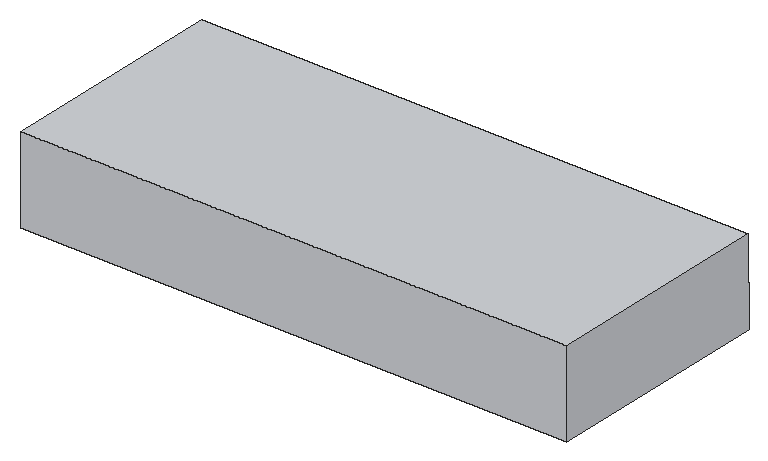
Revit family "АВЛН_Оборудование мед. кабинета", category Мебель, Revit 2019
Family settings
  Номер OmniClass = 23.40.20.00
  Заголовок OmniClass = General Furniture and Specialties
  На основе рабочей плоскости = Нет
  Всегда вертикально = Да
  При загрузке вырезать с полостями = Нет
  Общий = Нет
  Точка расчета площади = Нет
Parameters (values of type "Облучатель-рециркулятор воздуха")
  Ростомер = no
  Описание = "Облучатель-рециркулятор воздуха\r\nультрафиолетовый бактерицидный настенный\r\n\"ОРУБн-3-3-\"КРОНТ\" (Дезар-3) Э1Ф; 220В;\r\n0,003кВт\r\n890х370х140мм"
  Type Comments = ""
  Keynote = ""
  Изготовитель = "«Медремкомплект»"
  Группа модели = "Оборудование мед.блока"  # constant formula
  Весы = no
  ADSK_Размер_Ширина = 370 mm
  ADSK_Размер_Длина = 890 mm
  ADSK_Размер_Высота = 140 mm
  ADSK_Обозначение = "ДЕЗАР-3"
  ADSK_Масса = 0
  ADSK_Код изделия = ""
  ADSK_Единица измерения = "шт"  # constant formula
Types (6, lengths in mm): name | Ростомер | Описание | Изготовитель | Весы | ADSK_Размер_Ширина | ADSK_Размер_Длина | ADSK_Размер_Высота | ADSK_Обозначение
  (no name) | no | "Облучатель-рециркулятор воздуха\r\nультрафиолетовый бактерицидный настенный\r\n\"ОРУБн-3-3-\"КРОНТ\" (Дезар-3) Э1Ф; 220В;\r\n0,003кВт\r\n890х370х140мм" | "«Медремкомплект»" | no | 370 | 890 | 140 | "ДЕЗАР-3"
  Облучатель-рециркулятор воздуха | no | "Облучатель-рециркулятор воздуха\r\nультрафиолетовый бактерицидный настенный\r\n\"ОРУБн-3-3-\"КРОНТ\" (Дезар-3) Э1Ф; 220В;\r\n0,003кВт\r\n890х370х140мм" | "«Медремкомплект»" | no | 370 | 890 | 140 | "ДЕЗАР-3"
  Стерилизатор воздушный | no | "Стерилизатор воздушный; V= 20\r\nдм3;габ.630х415х450мм; Э1Ф; 220В; 1,5кВт" | 0 | no | 415 | 630 | 450 | "ГП-20-3"
  Электронные напольные весы | no | "Электронные напольные весы с выносным дисплеем;\r\nНаибольший предел взвешивания: 200 кг;\r\nгаб.321х60х356 мм;" | "VOGEL & HALKE\r\nGmbH & Co," | yes | 355 | 320 | 60 | "Seca 869"
  Ростомер | yes | "Ростомер; габ. 300х2200х232 мм, диапазон\r\nизмерения: 60 - 210 см" | "VOGEL & HALKE" | no | 230 | 300 | 60 | "Seca -240"
  Емкость-контейнер для временного хранения и удаления мед. отходов | no | "Емкость-контейнер для временного хранения и\r\nудаления медицинских отходов (желтый) класса \"Б\"\r\nс педалью\r\n15 литров; габариты 270×260×340 мм" | "Россия" | no | 260 | 270 | 340 | ""
Reference planes
  plane 1 "По центру (Вперед/Назад)": y = 0
  plane 2: z = 0
  plane 3 "По центру (Влево/Вправо)": x = 0
  plane 4: z = 140
  plane 5: y = 185
  plane 6: x = 445
  plane 7: x = -445
  plane 8: y = -185
  plane 9: z = 2200
Forms (mm)
  Extrusion 1, solid
    sketch origin (0, -518.993, 592.976) x (-1, 0, 0) y (0, -1, 0)
      loop
        line (445, -703.993) -> (445, -333.993) -> (-445, -333.993) -> (-445, -703.993) -> (445, -703.993)
    from -592.976 to -452.976
  Extrusion 2, solid, visible <- "Ростомер"
    sketch origin (0, -518.993, 592.976) x (-1, 0, 0) y (0, -1, 0)
      loop
        line (400, -529.915) -> (400, -508.071) -> (375, -508.071) -> (375, -529.915) -> (400, -529.915)
    from -452.976 to 1607.024
Lines and regions (mm)
  symbolic lines, visible <- "Весы"
    curve 1: line (-445, 155, 592.976) -> (420, 155, 592.976)
    curve 2: line (-400, 155, 592.976) -> (-400, -150, 592.976)
    curve 3: line (-445, -150, 592.976) -> (420, -150, 592.976)
    curve 4: line (420, 155, 592.976) -> (420, -150, 592.976)
    curve 5: line (-375, 155, 592.976) -> (-375, -150, 592.976)
Dimensions and locks
  plane 2 to plane 4 = 140 mm
  equal spacing: plane 8, plane 1 "По центру (Вперед/Назад)", plane 5
  equal spacing: plane 7, plane 3 "По центру (Влево/Вправо)", plane 6
  "ADSK_Размер_Длина": plane 7 to plane 6
  "ADSK_Размер_Ширина": plane 5 to plane 8
  "ADSK_Размер_Высота": plane 2 to plane 4
  level to plane 9 = 2200 mm
  aligned and locked: level to plane 2
  aligned and locked: Extrusion 1 sketch curve to plane 5
  aligned and locked: plane 7 to Extrusion 1 sketch curve
  aligned and locked: Extrusion 1 sketch curve to plane 8
  aligned and locked: Extrusion 1 sketch curve to plane 6
  aligned and locked: Extrusion 1 to level
  aligned and locked: Extrusion 1 to plane 2
  aligned and locked: Extrusion 1 to plane 4
  aligned and locked: plane 4 to Extrusion 2
  aligned and locked: Extrusion 2 to plane 9
Automatic sketch dimensions
  curve 3 to plane 6 = 25 mm
  curve 1 to plane 7 = 0 mm
  curve 3 to plane 7 = 0 mm
  curve 1 to plane 5 = 30 mm
  plane 7 to curve 5 = 70 mm
  curve 5 to curve 2 = 25 mm
  plane 8 to curve 2 = 35 mm
  Extrusion 2 sketch curve to plane 1 "По центру (Вперед/Назад)" = 10.922 mm
  plane 7 to Extrusion 2 sketch curve = 70 mm
  plane 1 "По центру (Вперед/Назад)" to Extrusion 2 sketch curve = 10.922 mm
  Extrusion 2 sketch curve to Extrusion 2 sketch curve = 25 mm
